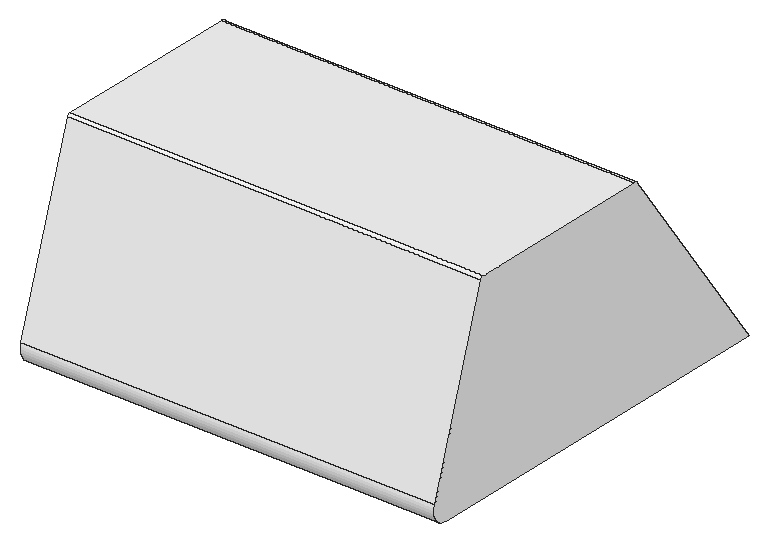
Revit family "NBS_DudleyIndustriesLimited_PprTwlDpnsrs_Anti-Ligature_MultifoldPaperTowelDispenser", category Specialty Equipment, host Face, Revit 2017
Family settings
  Host = Face
  Round Connector Dimension = Use Radius
  Part Type = Normal
  Cut with Voids When Loaded = No
  Shared = No
  Room Calculation Point = No
Parameters (values of type "AntiLigature_MultifoldPaperTowelDispenser")
  Weight = "1.8 kg"
  WarrantyStartDate [instance] = "1900-12-31T23:59:59"
  WarrantyGuarantorParts = "n/a"
  WarrantyGuarantorLabor = "n/a"
  WarrantyDurationUnit = "year"
  WarrantyDurationParts = "n/a"
  WarrantyDurationLabor = "n/a"
  WarrantyDescription = "n/a"
  Version = "1"  # constant formula
  Uniclass2015Version = "Products v1.11"
  Uniclass2015Title = "Paper towel dispensers"
  Uniclass2015Code = "Pr_40_70_22_62"
  TowelsWidth = "n/a"
  TowelsTowelType = "n/a"
  TowelDispenserCasingMaterial = NBS_Concept
  TagNumber [instance] = "n/a"
  SustainabilityPerformance = "n/a"
  Status = "UNSET"
  Size = "259 x 250 x 126 mm"
  Shape = "Square"
  SerialNumber [instance] = "n/a"
  Revision = "n/a"
  ReplacementCost = "n/a"
  Reference = "n/a"
  ProductInformation = "http://dudleyindustries.com/wp-content/uploads/2017/10/Anti-Ligature-CMultifold-Paper-Towel-Dispenser.pdf"
  PackingCarton = "1 piece"
  Operation = "Pull out dispenser"
  NominalWidth = 336 mm
  NominalLength = 0 mm
  NominalHeight = 250 mm
  NominalDepth = 127 mm
  Name = "PaperTowelDispensers_Anti-Ligature:Multi-foldPaperTowelDispenser_DudleyIndustriesLimited"
  NBSReference = "45-35-72/344"
  NBSDescription = "Paper towel dispensers"
  NBSCertification = "www.nationalbimlibrary.com/cert/x0rgi50b"
  ModelReference = "Anti-Ligature: Multi-fold Paper Towel Dispenser"
  ModelNumber = "78830SS"
  MaterialsBody = "Stainless steel"
  Material = "Stainless steel"
  ManufacturerURL = "https://www.dudleyindustries.com/"
  ManufacturerName = "Dudley Industries Limited"  # constant formula
  Manufacturer = "sales@dudleyindustries.com"  # constant formula
  IntegralAccessories = "n/a"
  InstallationDate [instance] = "1900-12-31T23:59:59"
  IfcExportType = "UNDEFINED"  # constant formula
  IfcExportAs = "IfcSanitaryTerminalType"  # constant formula
  Grade = "n/a"
  Form = "Wall mounted"
  Finish = "Brushed"
  Features = "No sharp edges or corners, robust and durable, works in conjunction with the Wall Plates 78832SS(brushed) 78832BL (blue) and 78832WH (white) to provide an anti-ligature solution for high risk areas"
  ExpectedLife = "n/a"
  DurationUnit = "year"
  Description = "Multi-fold paper towel dispenser"
  Default Elevation = 1200 mm
  Constituents = "n/a"
  Color = "Chrome"
  CodePerformance = "n/a"
  Category = "Pr_40_70_22_62:Paper towel dispensers"
  BarCode [instance] = "n/a"
  BIMObjectName = "NBS_DudleyIndustriesLimited_PaperTowelDispensers_Anti-Ligature_MultifoldPaperTowelDispenser"
  Author = "NBS"  # constant formula
  AssetType = "Fixed"
  AssetIdentifier [instance] = "n/a"
  AccessibilityPerformance = "n/a"
Reference planes
  plane 1: y = 0
  plane 2: z = 0
  plane 3 "Center (Left/Right)": x = 0
  plane 4 "Top": y = 156.616
  plane 5 "Bottom": y = -90.347
  plane 6: y = 68.769
  plane 7: y = -52.829
  plane 8: y = -84.17
  plane 9 "Left": x = -129.9
  plane 10 "Right": x = 129.9
  plane 11 "Front": z = 125.5
Forms (mm)
  Extrusion 1, solid, material "NBS_Concept" <- "TowelDispenserCasingMaterial"
    sketch origin (-129.9, 31.223, 0) x (0, -1, 0) y (0, 0, 1)
      loop
        line (-125.393, 0) -> (111.57, 0)
        arc (111.57, 0) -> (119.672, 4.139) -> (121.068, 13.129) r 10
        line (121.068, 13.129) -> (84.504, 124.126)
        arc (84.504, 124.126) -> (83.777, 125.12) -> (82.605, 125.5) r 2
        line (82.605, 125.5) -> (-36.505, 125.5)
        arc (-36.505, 125.5) -> (-37.429, 125.274) -> (-38.143, 124.647) r 2
        line (-38.143, 124.647) -> (-125.393, 0)
    from -259.8 to 0
Dimensions and locks
  aligned and locked: plane 2 to host face
  aligned and locked: level to host face
